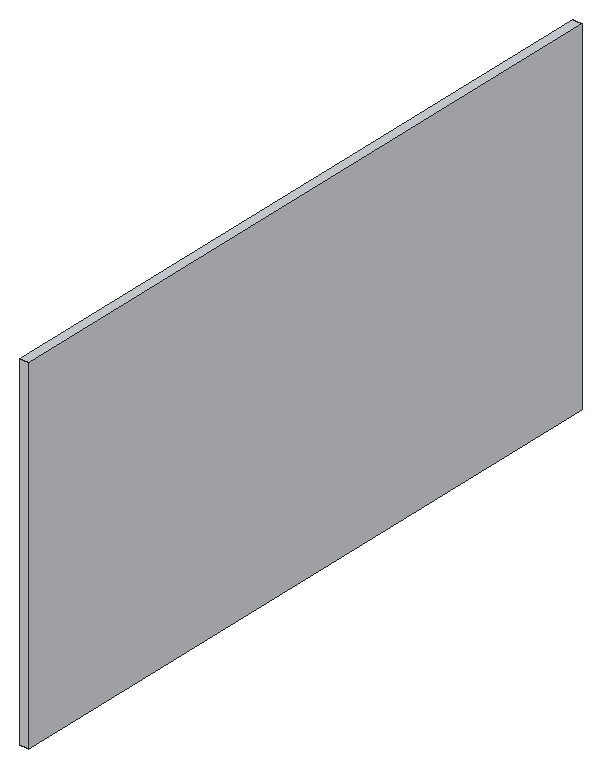
Revit family ".625 in Wide Sheating R", category Generic Models, Revit 2016
Family settings
  Part Type = Normal
  Can host rebar = No
  Round Connector Dimension = Use Diameter
  Work Plane-Based = No
  Always vertical = Yes
  Cut with Voids When Loaded = No
  Shared = No
  Room Calculation Point = No
Parameters
  Width = 0' - 0 5/8"
  Height [instance] = 2' - 0"
  5/8" Gyp = none
  4' Width = 4' - 0"
Reference planes (in)
  plane 1 "Center (Front/Back)": y = 0
  plane 2: z = 0
  plane 3 "Center (Left/Right)": x = 0
Forms (in)
  Sweep 1, solid, material <- "5/8" Gyp"
    path origin (0, 0, 0) x (1, 0, 0) y (0, 1, 0)
      loop
        line (0, -24) -> (0, 24)
    profile origin (0, 0, 0) x (-1, 0, 0) y (0, 0, 1)
      loop
        line (0, 0) -> (0.625, 0) -> (0.625, 24) -> (0, 24) -> (0, 0)
Dimensions and locks (in)
  "4' Width": Sweep 1 sketch curve to Sweep 1 sketch curve
  "Width": Sweep 1 sketch curve to Sweep 1 sketch curve
  "Height": Sweep 1 sketch curve to Sweep 1 sketch curve
  aligned and locked: plane 2 to level
Automatic sketch dimensions
  Sweep 1 sketch curve to plane 3 "Center (Left/Right)" = 0' - 0"
  plane 1 "Center (Front/Back)" to Sweep 1 sketch curve = 2' - 0"
  Sweep 1 sketch curve to profile plane = 0' - 0"
  Sweep 1 sketch curve to level = 0' - 0"
